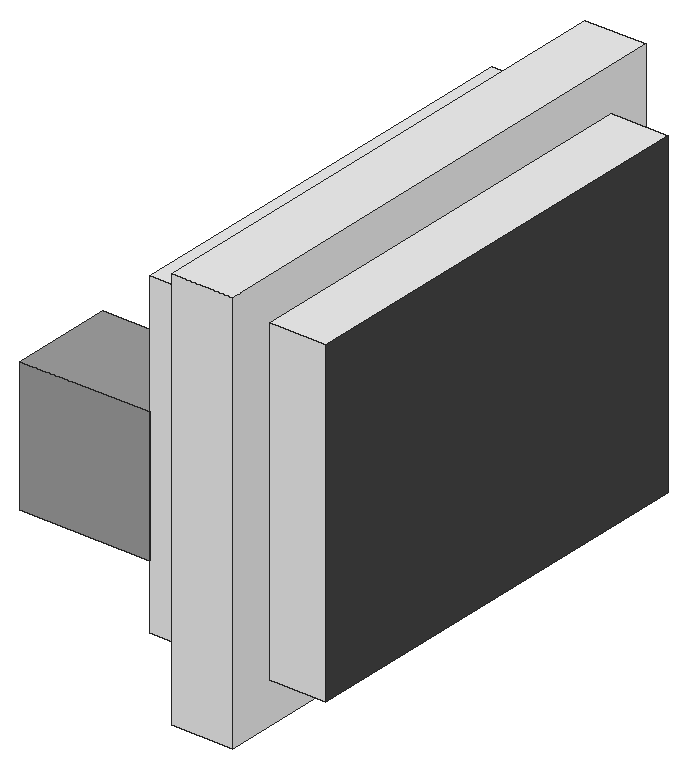
Revit family "HVAC_Ductwork_Airzone_Motorized-Rectangular-Damper_CPRC1", category Duct Accessories, Revit 2016
Family settings
  Part Type = Damper
  Round Connector Dimension = Use Diameter
  OmniClass Number = 23.75.70.14.34
  OmniClass Title = Air Duct Accessories
  Work Plane-Based = No
  Always vertical = Yes
  Cut with Voids When Loaded = No
  Shared = No
Parameters (values of type "INVALID TYPE - Use Load Family and Type Catalog instead")
  c2 = -2.621  # constant formula
  c1 = 0.000773  # constant formula
  Velocity [instance] = (Q / (36 * Ak)) * 1.0 m/s  # 8.04148 m/s
  URL = "www.airzone.es"
  Type Image Comments = "Image available in product documentation download"  # constant formula
  Type Comments = ""
  Revit Model Version = "1.0"  # constant formula
  Q [instance] = Flow / 1 m³/h  # 720
  Product Documentation Download URL = "http://doc.airzone.es/BIM/Motorized_air_diffusion/Airzone_CPRC.zip"
  Product Comments = "Refer to technical documentation for further details"  # constant formula
  Product Code = "INVALID – Type not loaded via type catalog"
  Model = Product Code  # "INVALID – Type not loaded via type catalog"
  Manufacturer = "AIRZONE"  # constant formula
  Main Material = Metal - AIRZONE - Aluminium - Satin
  Long Description = "CPRC motorized rectangular duct damper to control the air inlet of the zone when attached to an air distribution rectangular duct."  # constant formula
  Flow [instance] = 720 m³/h
  Finish = "Aluminium"
  Effective Area = (Duct Width - 13.7 mm) * (Duct Height - 16.5 mm)  # 248.71 cm²
  Duct Width = 200 mm
  Duct Height = 150 mm
  Disclaimer = "All information provided in this model is reviewed before being published. However, Airzone cannot guarantee this model is error-free, therefore users are strongly encouraged to check for technical documentation and updates"  # constant formula
  Description = "Motorized rectangular duct damper"  # constant formula
  Damper Width = Duct Width - 10.7 mm  # 189.3 mm
  Damper Length = 78 mm  # constant formula
  Damper Height = Duct Height - 8.5 mm  # 141.5 mm
  Calculated Pressure Drop [instance] = ((c1 * (Ak ^ c2)) * (Q ^ 2)) * 1.0 Pa  # 36.79 Pa
  Ak = Effective Area / 100.00 cm²  # 2.4871
  Actuator Description = "MAIR - Rectangular damper actuator - 12V, 40mA, 250mA max, 0.8 Nm"  # constant formula
  Accessories Material = Plastic - AIRZONE - Gray - Matte
Reference planes
  plane 1 "Center (Front/Back)": y = 0
  plane 2: z = 0
  plane 3 "Center (Left/Right)": x = 0
  plane 4 "Left": x = -39
  plane 5 "Right": x = 39
  plane 6 "Bottom": z = -70.75
  plane 7 "Top": z = 70.75
  plane 8 "Back": y = 94.65
  plane 9 "Front": y = -94.65
Forms (mm)
  Extrusion 1, solid, material "Metal - AIRZONE - Aluminium - Satin" <- "Main Material"
    sketch origin (0, 0, 0) x (0, 1, 0) y (0, 0, 1)
      loop
        line (-94.65, 70.75) -> (-94.65, -70.75) -> (94.65, -70.75) -> (94.65, 70.75) -> (-94.65, 70.75)
    from -39 to 39
  Extrusion 2, solid, material "Metal - AIRZONE - Aluminium - Satin" <- "Main Material", detail levels fine
    sketch origin (0, 0, 0) x (0, 1, 0) y (0, 0, 1)
      loop
        line (-114.5, 89.5) -> (-114.5, -89.5) -> (114.5, -89.5) -> (114.5, 89.5) -> (-114.5, 89.5)
      loop
        line (94.65, -70.75) -> (94.65, 70.75) -> (-94.65, 70.75) -> (-94.65, -70.75) -> (94.65, -70.75)
    from -13.5 to 13.5
  Extrusion 3, solid, material "Plastic - AIRZONE - Gray - Matte" <- "Accessories Material", detail levels medium+fine
    sketch origin (0, -94.65, 0) x (-1, 0, 0) y (0, 0, 1)
      loop
        line (96.6, 16.75) -> (39, 16.75) -> (39, -42.25) -> (96.6, -42.25) -> (96.6, 16.75)
    from 0 to 46
Lines and regions (mm)
  symbolic lines, detail levels coarse
    curve 1: line (-39, 94.65, 0) -> (39, 94.65, 0)
    curve 2: line (-39, -94.65, 0) -> (-39, 94.65, 0)
    curve 3: line (39, -94.65, 0) -> (-39, -94.65, 0)
    curve 4: line (39, 94.65, 0) -> (39, -94.65, 0)
    curve 5: line (-96.6, -48.65, 0) -> (-96.6, -94.65, 0)
    curve 6: line (-96.6, -94.65, 0) -> (-39, -94.65, 0)
Dimensions and locks
  equal spacing: plane 4 "Left", plane 3 "Center (Left/Right)", plane 5 "Right"
  "Damper Length": plane 4 "Left" to plane 5 "Right"
  "Damper Height": plane 7 "Top" to plane 6 "Bottom"
  equal spacing: plane 7 "Top", level, plane 6 "Bottom"
  equal spacing: plane 8 "Back", plane 1 "Center (Front/Back)", plane 9 "Front"
  "Damper Width": plane 8 "Back" to plane 9 "Front"
  locked: Extrusion 2 sketch curve to plane 9 "Front" at 19.85
  locked: plane 8 "Back" to Extrusion 2 sketch curve at 19.85
  locked: plane 7 "Top" to Extrusion 2 sketch curve at 18.75
  locked: plane 6 "Bottom" to Extrusion 2 sketch curve at 18.75
  locked: Extrusion 3 sketch curve to plane 6 "Bottom" at 28.5
  locked: Extrusion 3 sketch curve to Extrusion 3 sketch curve at 59
  locked: plane 4 "Left" to Extrusion 3 sketch curve at 57.6
  locked: curve 5 to curve 5 at 46
  locked: curve 5 to plane 4 "Left" at 57.6
  aligned and locked: level to plane 2
  aligned and locked: Extrusion 1 to plane 4 "Left"
  aligned and locked: plane 5 "Right" to Extrusion 1
  aligned and locked: Extrusion 1 sketch curve to plane 7 "Top"
  aligned and locked: plane 9 "Front" to Extrusion 1 sketch curve
  aligned and locked: plane 6 "Bottom" to Extrusion 1 sketch curve
  aligned and locked: Extrusion 1 sketch curve to plane 8 "Back"
  aligned and locked: Extrusion 3 sketch curve to plane 4 "Left"
  aligned and locked: plane 4 "Left" to curve 2
  aligned and locked: plane 9 "Front" to curve 3
  aligned and locked: curve 4 to plane 5 "Right"
  aligned and locked: curve 1 to plane 8 "Back"
  aligned and locked: curve 6 to plane 9 "Front"
  aligned and locked: plane 8 "Back" to Extrusion 2 sketch curve
  aligned and locked: plane 9 "Front" to Extrusion 2 sketch curve
  aligned and locked: plane 6 "Bottom" to Extrusion 2 sketch curve
  aligned and locked: plane 7 "Top" to Extrusion 2 sketch curve
Connectors
  hvac at (-39, 0, 0), driven by "Flow", driven by "Duct Height", driven by "Duct Width"
    settings: on Extrusion 1, index 1, duct flow 720 m³/h, flow factor 0, pres drop 0.0 Pa, loss coef 0, conn angle 0.00°, conn width 200 mm, conn height 150 mm, conn diameter 609.6 mm, duct sys type 29, conn prof type 1, flow config 0, flow direction 0, loss method 0, conn ref index 2, conn util no, is conn primary yes, conn desc ""
  hvac at (39, 0, 0), driven by "Flow", driven by "Duct Height", driven by "Duct Width"
    settings: on Extrusion 1, index 2, duct flow 720 m³/h, flow factor 0, pres drop 0.0 Pa, loss coef 0, conn angle 0.00°, conn width 200 mm, conn height 150 mm, conn diameter 609.6 mm, duct sys type 29, conn prof type 1, flow config 0, flow direction 0, loss method 0, conn ref index 1, conn util no, is conn primary no, conn desc ""
  electrical at (-96.6, -71.65, -12.75), driven by "Actuator Description"
    settings: on Extrusion 3, index 3, voltage 0 V, apparent load 0 VA, apparent load phase1 0 VA, apparent load phase2 0 VA, apparent load phase3 0 VA, power factor 1, load classification "Other", number of poles 1, system type 13, power factor state 1, is connector primary yes, connector utility no, sub classification motor no, connector description "MAIR - Rectangular damper actuator - 12V, 40mA, 250mA max, 0.8 Nm"
